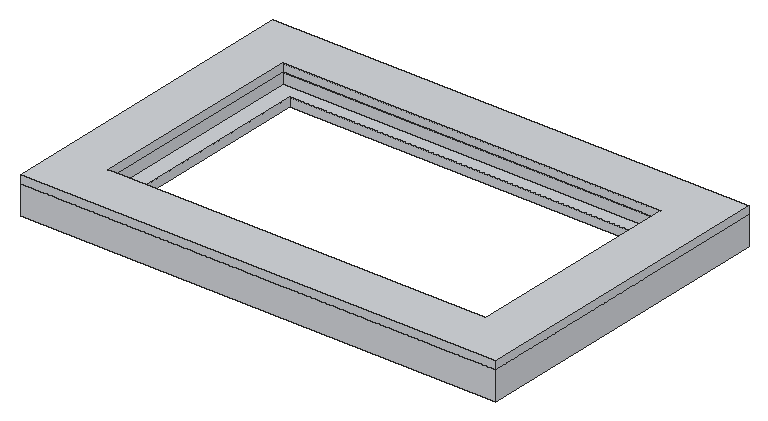
Revit family "Gira_100122", category Electrical Fixtures, host Face, Revit 2017
Family settings
  Host = Face
  Maintain Annotation Orientation = No
  Round Connector Dimension = Use Diameter
  Part Type = Normal
  Cut with Voids When Loaded = No
  Shared = No
  Room Calculation Point = No
Parameters (values of type "Cov.fr. 1.5-g Gira E2 p.white m")
  With mounting grid = "No"
  With hinged lid = "No"
  URL = "http://katalog.gira.de/en/datenblatt.html?artikelnr=100122"
  Type of fastening = "Clamp mounting"
  Transparent = "No"
  Surface protection = "Other"
  Suitable for wall duct = "No"
  Suitable for flush-mounted installation = "Yes"
  Suitable for floor box = "No"
  Suitable for built-in installation = "No"
  Number of units vertical = "1,5"
  Number of units horizontal = "1,5"
  Number of units = "1"
  Name = "Cov.fr. 1.5-g Gira E2 p.white m"
  Mounting direction = "Horizontal and vertical"
  Material quality = "Thermoplastic"
  Material = "Plastic"
  Manufacturer URL = "https://www.gira.de/"
  Manufacturer = "Gira"
  Label space/information surface = "No"
  Keynote = ""
  HeinzeBIM = "https://bimportal.heinze.de/bim/cov-fr-1-5-g-gira-e2-p-white-m/a1d866e4d4d9952b49c37326d33c59de71fe001f"
  Halogen free = "Yes"
  HAN = "100122"
  GTIN = "4010337881322"
  Description = "Cov.fr.1.5g E2 PWm,Gira E2 cover frame,pure white matt,1.5-gang,Features:,- Shatter-proof.,,Notes :,- Also suitable for duct installation.,- In connection with the seal kit, frame (1-gang to 5-gang) is also suitable for installation as water-protected flush-mounted IP44."
  Degree of protection (IP) = "IP20"
  Default Elevation = 1219.2 mm
  Data sheet (1) = "https://katalog.gira.de/en/download.html?artikelnr=100122"
  Colour = "White"
  Category = "Cover frame for domestic switching devices"
  BIM (1) = "https://media.stage.bim.site/public/gira/36a6b08/E2-Rahmen_1,5fach.rfa"
  Available = "No"
Reference planes
  plane 1 "Center (Front/Back)": y = 0
  plane 2: z = 0
  plane 3 "Center (Left/Right)": x = 0
Forms (mm)
  Extrusion 1, solid, detail levels fine
    sketch origin (0, 0, 0) x (1, 0, 0) y (0, 1, 0)
      loop
        line (60.721, 40.421) -> (-60.721, 40.421) -> (-60.721, -40.421) -> (60.721, -40.421) -> (60.721, 40.421)
      loop
        line (-48.3, -28) -> (48.3, -28) -> (48.3, 28) -> (-48.3, 28) -> (-48.3, -28)
    from 7.3 to 9.3
  Extrusion 2, solid, detail levels fine
    sketch origin (0, 0, 0) x (1, 0, 0) y (0, 1, 0)
      loop
        line (-60.721, 40.421) -> (-60.721, -40.421) -> (60.721, -40.421) -> (60.721, 40.421) -> (-60.721, 40.421)
      loop
        line (-58.919, -38.619) -> (58.919, -38.619) -> (58.919, 38.619) -> (-58.919, 38.619) -> (-58.919, -38.619)
    from 0 to 7.3
  Extrusion 3, solid, detail levels fine
    sketch origin (0, 0, 0) x (1, 0, 0) y (0, 1, 0)
      loop
        line (-44, -24.75) -> (44, -24.75) -> (44, 24.75) -> (-44, 24.75) -> (-44, -24.75)
      loop
        line (-48.3, -28) -> (48.3, -28) -> (48.3, 28) -> (-48.3, 28) -> (-48.3, -28)
    from 2.2 to 4.5
  Extrusion 4, solid, detail levels fine
    sketch origin (0, 0, 0) x (1, 0, 0) y (0, 1, 0)
      loop
        line (49.78, -27.48) -> (49.78, 27.48)
        spline (49.78, 27.48) -> (49.763, 27.741) -> (49.712, 27.998) -> (49.628, 28.245) -> (49.512, 28.48) -> (49.367, 28.698) -> (49.194, 28.894) -> (48.998, 29.067) -> (48.78, 29.212) -> (48.545, 29.328) -> (48.298, 29.412) -> (48.041, 29.463) -> (47.78, 29.48)
        line (47.78, 29.48) -> (-47.78, 29.48)
        spline (-47.78, 29.48) -> (-48.041, 29.463) -> (-48.298, 29.412) -> (-48.545, 29.328) -> (-48.78, 29.212) -> (-48.998, 29.067) -> (-49.194, 28.894) -> (-49.367, 28.698) -> (-49.512, 28.48) -> (-49.628, 28.245) -> (-49.712, 27.998) -> (-49.763, 27.741) -> (-49.78, 27.48)
        line (-49.78, 27.48) -> (-49.78, -27.48)
        spline (-49.78, -27.48) -> (-49.763, -27.741) -> (-49.712, -27.998) -> (-49.628, -28.245) -> (-49.512, -28.48) -> (-49.367, -28.698) -> (-49.194, -28.894) -> (-48.998, -29.067) -> (-48.78, -29.212) -> (-48.545, -29.328) -> (-48.298, -29.412) -> (-48.041, -29.463) -> (-47.78, -29.48)
        line (-47.78, -29.48) -> (47.78, -29.48)
        spline (47.78, -29.48) -> (48.041, -29.463) -> (48.298, -29.412) -> (48.545, -29.328) -> (48.78, -29.212) -> (48.998, -29.067) -> (49.194, -28.894) -> (49.367, -28.698) -> (49.512, -28.48) -> (49.628, -28.245) -> (49.712, -27.998) -> (49.763, -27.741) -> (49.78, -27.48)
      loop
        line (-48.3, -28) -> (48.3, -28) -> (48.3, 28) -> (-48.3, 28) -> (-48.3, -28)
    from 2.2 to 7.3
  Extrusion 5, solid, detail levels coarse+medium
    sketch origin (0, 0, 0) x (1, 0, 0) y (0, 1, 0)
      loop
        line (-60.721, 40.421) -> (-60.721, -40.421) -> (60.721, -40.421) -> (60.721, 40.421) -> (-60.721, 40.421)
    from 0 to 9.3
Dimensions and locks
  aligned and locked: plane 2 to host face
  aligned and locked: level to host face
